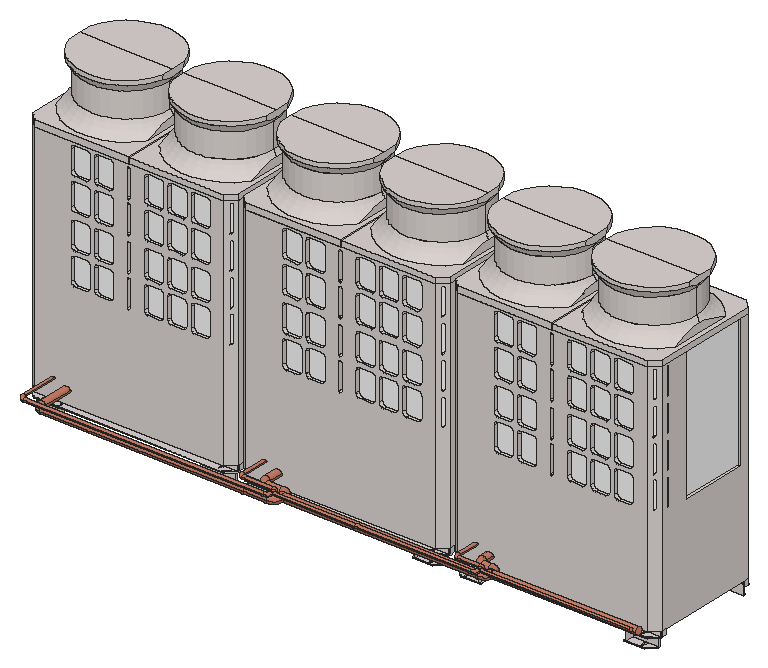
Revit family "PUHY-EP1150YSNW-A1", category 機械設備, Revit 2016
Family settings
  パーツ タイプ = 標準
  丸型コネクタ寸法 = 半径を使用
  OmniClass 番号 = 23.75.00.00
  OmniClass タイトル = Climate Control (HVAC)
  作業面に基づく = いいえ
  常に垂直 = はい
  ロード時にボイドで切り取り = いいえ
  共有 = いいえ
  部屋の計算ポイント = いいえ
Parameters (values of type "PUHY-EP1150YSNW-A1_415V_60Hz")
  Temp. range of cooling (Outdoor temp.) (D.B.) = "-5.0 to 52.0"
  Temp. range of cooling (Indoor temp.) (W.B.) = "15.0 to 24.0"
  Sound Pressure Level (dB(A)) Heating mode = 69.5
  Sound Pressure Level (dB(A)) Cooling mode = 69
  モデル = "PUHY-EP1150YSNW-A1"
  Width = 3780.000 mm
  WarrantyStart = ""
  Voltage = 415 V
  Unit Weight (kg) = 888
  URL = "http://www.mitsubishielectric.com/"
  Temp. range of heating (Outdoor temp.) (W.B.) = "-20.0 to 15.5"
  Temp. range of heating (Indoor temp.) (D.B.) = "15.0 to 27.0"
  TagNumber = 0
  Subcategory = "HVAC"
  Space View = yes
  SerialNumber = 0
  ReplacementYear = ""
  Refrigerant type = "R410A"
  Refrigerant Charge (kg) = 31.4
  Protection Devices_Inverter circuit (COMP./FAN) = "Over-current protection"
  Protection Devices_High pressure (MPa) = "High pressure sensor, High pressure switch at 4.15"
  Phase = 3
  製造元 = "Mitsubishi Electric Corporation"
  Outdoor unit 3 Breaker size (A) = 40
  Outdoor unit 3 = PUHY-EP350YNW-A1 : PUHY-EP350YNW-A1
  Outdoor unit 2 Breaker size (A) = 60
  Outdoor unit 2 = PUHY-EP400YNW-A1 : PUHY-EP400YNW-A1
  Outdoor unit 1 Breaker size (A) = 60
  Outdoor unit 1 = PUHY-EP400YNW-A1 : PUHY-EP400YNW-A1
  Note_1 = "Refrigerant pipe diameters may change depending on the installation condition. Please refer to the installation manual."
  Maximum Circuit Ampacity (A) = 80.5
  Liquid pipe_radius = 9.525 mm
  InstallationDate = ""
  Indoor Unit Total Capacity = "50 to 130% of outdoor unit capacity"
  Indoor Unit Model/Quantity = "P10 to P250/3 to 50"
  Hertz = 60 Hz
  Height = 1858.000 mm
  Heating SCOP (kW/kW) = 4.19
  Heating Rated Load Ampacity (A) = 53.7
  Heating Power Input (kW) = 34.77
  Heating Power Input (Nominal) (kW) = 29.21
  Heating Current Input (Nominal) (A) = 45.1
  Heating Current Input (A) = 53.7
  Heating Capacity (kW) = 145
  Heating Capacity (Nominal) (kW) = 130
  Heating COP (kW/kW) = 4.17
  Heating COP (Nominal) (kW/kW) = 4.45
  Gas pipe_radius = 20.640 mm
  Fan_Type = "Propeller Fan"
  Fan_Quantity = 6
  Fan Motor Output (kW) = 2.76
  External static pressure (Pa) = 0
  External Finish = "Pre-coated galvanized steel sheets (+powder coating for -BS type) <MUNSELL 3Y 7.8/1.1 or similar>"
  Equip_description = ""
  Equip_No. = 0
  Equip_ID = ""
  Description = ""
  Depth = 740.000 mm
  CreatedOn = ""
  CreatedBy = ""
  Cooling SEER (kW/kW) = 6.87
  Cooling Rated Load Ampacity (A) = 55.3
  Cooling Power Input (kW) = 35.81
  Cooling EER (kW/kW) = 3.63
  Cooling Current Input (A) = 55.3
  Cooling Capacity (kW) = 130
  Compressor_Type = "Inverter scroll hermetic compressor"
  Compressor_Quantity = 3
  Compressor_Lubricant = "MEL32"
  Compressor Motor Output (kW) = 27.3
  Category = ""
  Barcode = ""
  AssetIdentifier = ""
  Airflow Rate (m3/min) = 810
  Airflow Rate (m3/h) = 48600
Reference planes
  plane 1 "Center (Front/Back)": y = 0
  plane 2: z = 0
  plane 3 "Center (Left/Right)": x = 0
  plane 4: y = 370
  plane 5 "front": y = -370
  plane 6: x = -1890
  plane 7: x = 1890
  plane 8: x = -620
  plane 9: x = 620
  plane 10: x = -650
  plane 11: x = 650
  plane 12: y = 370
  plane 13: y = -370
  plane 14: z = 1858
  plane 15: x = -1647
  plane 16: x = -1730.603
  plane 17: x = -377
  plane 18: x = -460
  plane 19: x = 893
  plane 20: x = 810
Forms (mm)
  Sweep 1, solid, material "Copper"
    path origin (-51.563, 17.925, 207.255) x (0, -1, 0) y (1, 0, 0)
      loop
        line (380, -1679.039) -> (605, -1679.039)
        arc (605, -1679.039) -> (626.213, -1670.253) -> (635, -1649.039) r 30
        line (635, -1649.039) -> (635, -208.337)
        arc (635, -208.337) -> (629.142, -194.195) -> (615, -188.337) r 20
        line (615, -188.337) -> (590, -188.337)
        arc (590, -188.337) -> (575.858, -194.195) -> (570, -208.337) r 20
        line (570, -208.337) -> (570, -388.437)
        arc (570, -388.437) -> (564.142, -402.579) -> (550, -408.437) r 20
        line (550, -408.437) -> (380, -408.437)
    profile origin (-1730.603, -474.575, 207.255) x (1, 0, 0) y (0, 0, 1)
      loop
        circle (0, 0) r 9.525
  Sweep 2, solid, material "Copper"
    path origin (-48.859, 17.925, 173.255) x (-1, 0, 0) y (0, -1, 0)
      loop
        line (1598.141, 380) -> (1598.141, 575)
        arc (1598.141, 575) -> (1587.889, 599.749) -> (1563.141, 610) r 35
        line (1563.141, 610) -> (342, 610) -> (204.723, 610)
        arc (204.723, 610) -> (179.974, 599.749) -> (169.723, 575) r 35
        line (169.723, 575) -> (169.723, 545)
        arc (169.723, 545) -> (179.974, 520.251) -> (204.723, 510) r 35
        line (204.723, 510) -> (293.141, 510)
        arc (293.141, 510) -> (317.889, 499.749) -> (328.141, 475) r 35
        line (328.141, 475) -> (328.141, 380)
    profile origin (-1647, -459.575, 173.255) x (1, 0, 0) y (0, 0, 1)
      loop
        circle (0, 0) r 20.64
  Sweep 3, solid, material "Copper"
    path origin (214.685, 17.925, 207.255) x (0, -1, 0) y (1, 0, 0)
      loop
        line (605, -448.702) -> (605, 51.298) -> (605, 745.315)
        arc (605, 745.315) -> (599.142, 759.457) -> (585, 765.315) r 20
        line (585, 765.315) -> (560.96, 765.315)
        arc (560.96, 765.315) -> (546.818, 759.457) -> (540.96, 745.315) r 20
        line (540.96, 745.315) -> (540.96, 615.315)
        arc (540.96, 615.315) -> (535.102, 601.172) -> (520.96, 595.315) r 20
        line (520.96, 595.315) -> (380, 595.315)
    profile origin (15.984, -587.075, 207.255) x (0, 1, 0) y (0, 0, 1)
      loop
        circle (0, 0) r 9.525
  Sweep 4, solid, material "Copper"
    path origin (188.125, 17.925, 173.255) x (-1, 0, 0) y (0, -1, 0)
      loop
        line (395.125, 555.96) -> (-784.875, 555.96)
        arc (-784.875, 555.96) -> (-809.623, 545.709) -> (-819.875, 520.96) r 35
        line (-819.875, 520.96) -> (-819.875, 510)
        arc (-819.875, 510) -> (-809.623, 485.251) -> (-784.875, 475) r 35
        line (-784.875, 475) -> (-739.875, 475)
        arc (-739.875, 475) -> (-715.126, 464.749) -> (-704.875, 440) r 35
        line (-704.875, 440) -> (-704.875, 380)
    profile origin (383, -538.035, 173.255) x (0, 1, 0) y (0, 0, 1)
      loop
        circle (0, 0) r 20.64
  Sweep 5, solid, material "Copper"
    path origin (114.685, 17.925, 207.255) x (0, -1, 0) y (1, 0, 0)
      loop
        line (572.806, 870.315) -> (572.806, 1775.315)
    profile origin (1437.5, -554.881, 207.255) x (0, 1, 0) y (0, 0, 1)
      loop
        circle (0, 0) r 9.525
  Sweep 6, solid, material "Copper"
    path origin (88.125, 17.925, 173.255) x (-1, 0, 0) y (0, -1, 0)
      loop
        line (-921.875, 515.995) -> (-1801.875, 515.995)
    profile origin (1450, -498.07, 173.255) x (0, 1, 0) y (0, 0, 1)
      loop
        circle (0, 0) r 20.64
Dimensions and locks
  nested 2 to nested 1 = 30.000 mm
  nested 1 to nested 1 = 1240.000 mm
  nested 2 to nested 2 = 1240.000 mm
  plane 6 to plane 3 "Center (Left/Right)" to plane 7 = 1890.000 mm, 1890.000 mm
  "Liquid pipe_radius": radius of Sweep 5 sketch curve
  "Gas pipe_radius": radius of Sweep 6 sketch curve
  aligned and locked: level to plane 2
Automatic sketch dimensions
  Sweep 1 sketch curve to plane 5 "front" = 7.925 mm  (x2)
  plane 5 "front" to Sweep 1 sketch curve = 162.075 mm
  Sweep 1 sketch curve to plane 3 "Center (Left/Right)" = 259.900 mm
  Sweep 1 sketch curve to Sweep 1 sketch curve = 20.000 mm
  Sweep 1 sketch curve to plane 3 "Center (Left/Right)" = 239.900 mm
  plane 5 "front" to Sweep 1 sketch curve = 217.075 mm
  Sweep 1 sketch curve to Sweep 1 sketch curve = 25.000 mm
  Sweep 1 sketch curve to Sweep 1 sketch curve = 30.000 mm
  Sweep 1 sketch curve to plane 3 "Center (Left/Right)" = 440.000 mm
  profile plane to Sweep 1 sketch curve = 0.000 mm
  Sweep 1 sketch curve to profile plane = 0.000 mm
  Sweep 2 sketch curve to plane 3 "Center (Left/Right)" = 218.582 mm
  Sweep 2 sketch curve to plane 3 "Center (Left/Right)" = 253.582 mm  (x2)
  Sweep 2 sketch curve to plane 3 "Center (Left/Right)" = 342.000 mm
  Sweep 2 sketch curve to plane 3 "Center (Left/Right)" = 390.859 mm
  Sweep 2 sketch curve to Sweep 2 sketch curve = 35.000 mm  (x2)
  plane 5 "front" to Sweep 2 sketch curve = 222.075 mm
  Sweep 2 sketch curve to Sweep 2 sketch curve = 30.000 mm
  Sweep 2 sketch curve to plane 5 "front" = 7.925 mm  (x2)
  profile plane to Sweep 2 sketch curve = 0.000 mm
  Sweep 2 sketch curve to profile plane = 0.000 mm
  Sweep 3 sketch curve to profile plane = 0.000 mm  (x2)
  Sweep 4 sketch curve to profile plane = 0.000 mm  (x2)
  Sweep 1 sketch curve to Sweep 1 sketch curve = 1240.603 mm
  Sweep 2 sketch curve to Sweep 2 sketch curve = 1235.000 mm
  Sweep 3 sketch curve to plane 20 = 0.000 mm
  Sweep 3 sketch curve to plane 5 "front" = 7.925 mm
  plane 20 to Sweep 3 sketch curve = 20.000 mm
  plane 5 "front" to Sweep 3 sketch curve = 133.035 mm
  Sweep 3 sketch curve to Sweep 3 sketch curve = 20.000 mm
  Sweep 3 sketch curve to Sweep 3 sketch curve = 24.040 mm
  plane 5 "front" to Sweep 3 sketch curve = 217.075 mm
  plane 3 "Center (Left/Right)" to Sweep 3 sketch curve = 265.984 mm
  plane 17 to Sweep 3 sketch curve = 142.984 mm
  plane 19 to Sweep 3 sketch curve = 67.000 mm
  Sweep 4 sketch curve to plane 19 = 0.000 mm
  plane 19 to Sweep 4 sketch curve = 35.000 mm
  Sweep 4 sketch curve to Sweep 4 sketch curve = 45.000 mm
  Sweep 4 sketch curve to Sweep 4 sketch curve = 0.000 mm
  Sweep 4 sketch curve to Sweep 4 sketch curve = 35.000 mm
  plane 17 to Sweep 4 sketch curve = 170.000 mm
  Sweep 4 sketch curve to plane 5 "front" = 7.925 mm
  plane 5 "front" to Sweep 4 sketch curve = 52.075 mm
  Sweep 4 sketch curve to Sweep 4 sketch curve = 10.960 mm
  Sweep 6 sketch curve to plane 7 = 0.000 mm
  plane 19 to Sweep 6 sketch curve = 117.000 mm
  plane 5 "front" to Sweep 6 sketch curve = 128.070 mm
  Sweep 5 sketch curve to plane 7 = 0.000 mm
  plane 5 "front" to Sweep 5 sketch curve = 184.881 mm
  plane 19 to Sweep 5 sketch curve = 92.000 mm
  Sweep 5 sketch curve to profile plane = 0.000 mm  (x2)
  Sweep 6 sketch curve to profile plane = 0.000 mm  (x2)
  radius of Sweep 1 sketch curve = 9.525 mm
  radius of Sweep 2 sketch curve = 20.640 mm
  radius of Sweep 3 sketch curve = 9.525 mm
  radius of Sweep 4 sketch curve = 20.640 mm
Nested families
  nested 1: "PUHY-EP400YNW-A1" at (0, 0, 0), type <- "Outdoor unit 2", type "PUHY-EP400YNW-A1"
  nested 2: "PUHY-EP400YNW-A1" at (-1270, 0, 0), type <- "Outdoor unit 1", type "PUHY-EP400YNW-A1"
  nested 3: "PUHY-EP350YNW-A1" at (1270, 0, 0), type <- "Outdoor unit 3", type "PUHY-EP350YNW-A1"
Connectors
  piping at (1890, -498.07, 173.255), diameter 41.28, driven by "Gas pipe_radius"
    settings: on Sweep 6, index 1, connector inside diameter 41.28 mm, connector length 0.000 mm, flow factor 0, pipe flow 0.0 L/s, pressure drop 0.0 Pa, fitting loss kfactor 0, connector angle 0.00°, fixture units 0, engagement length 0.000 mm, angle of deflection 0.00°, flow configuration 0, flow direction 0, fitting loss method 0, system type 22, joint type 0, gender type 0, connector reference index -1, connector utility 0, adjustable connector no, is connector primary yes, connector description "Indoor unit-Twinning pipe(Gas)"
  piping at (1890, -554.881, 207.255), diameter 19.05, driven by "Liquid pipe_radius"
    settings: on Sweep 5, index 2, connector inside diameter 19.05 mm, connector length 0.000 mm, flow factor 0, pipe flow 0.0 L/s, pressure drop 0.0 Pa, fitting loss kfactor 0, connector angle 0.00°, fixture units 0, engagement length 0.000 mm, angle of deflection 0.00°, flow configuration 0, flow direction 0, fitting loss method 0, system type 22, joint type 0, gender type 0, connector reference index -1, connector utility 0, adjustable connector no, is connector primary no, connector description "Indoor unit-Twinning pipe(Liquid)"
  electrical at (992, -370, 279), driven by "Phase", driven by "Voltage"
    settings: index 3, voltage 415 V, apparent load 0 VA, apparent load phase1 0 VA, apparent load phase2 0 VA, apparent load phase3 0 VA, power factor 1, load classification "HVAC", number of poles 3, system type 30, power factor state 1, is connector primary yes, connector utility no, sub classification motor no, connector description ""
  electrical at (-258, -370, 279), driven by "Phase", driven by "Voltage"
    settings: index 4, voltage 415 V, apparent load 0 VA, apparent load phase1 0 VA, apparent load phase2 0 VA, apparent load phase3 0 VA, power factor 1, load classification "HVAC", number of poles 3, system type 30, power factor state 1, is connector primary no, connector utility no, sub classification motor no, connector description ""
  electrical at (-1508, -370, 279), driven by "Phase", driven by "Voltage"
    settings: index 5, voltage 415 V, apparent load 0 VA, apparent load phase1 0 VA, apparent load phase2 0 VA, apparent load phase3 0 VA, power factor 1, load classification "HVAC", number of poles 3, system type 30, power factor state 1, is connector primary no, connector utility no, sub classification motor no, connector description ""
Definition of nested family "PUHY-EP400YNW-A1"
  Parameters
    Model = "PUHY-P400YNW-A"
    URL = "http://www.mitsubishielectric.com/"
    Manufacturer = "Mitsubishi Electric Corporation"
    Liquid pipe_radius = 12.700 mm
    Gas pipe_radius = 14.290 mm
  Reference planes
    plane 1 "Center (Front/Back)": y = 0
    plane 2: z = 0
    plane 3 "Center (Left/Right)": x = 0
    plane 4: y = 370
    plane 5: z = 1858
    plane 6: y = -260
    plane 7: y = -204
    plane 8: y = -185
    plane 9: x = -620
    plane 10: x = 620
    plane 11: x = -620
    plane 12: z = 716
    plane 13: x = -524
    plane 14: z = 669
    plane 15: x = -50.5
    plane 16: x = 51
    plane 17: x = 489
    plane 18: x = 467
    plane 19 "132": x = 488
    plane 20 "100": z = 160
    plane 21: z = 185
    plane 22: x = 413
    plane 23: x = 364
    plane 24: z = 150
    plane 25: x = -287.25
    plane 26: x = -137.25
    plane 27: x = -272.25
    plane 28: y = -278
    plane 29: z = 1509
    plane 30: y = -370
    plane 31: x = -530
    plane 32: x = 530
    plane 33 "179": y = -191
  Forms (mm)
    Extrusion 1, solid
      sketch origin (-1, 0, 113) x (-1, 0, 0) y (0, -1, 0)
        loop
          line (569, -370) -> (619, -320) -> (619, 320) -> (569, 370) -> (-571, 370) -> (-621, 320) -> (-621, -320) -> (-571, -370) -> (569, -370)
      from -18 to 1408
    Extrusion 2, void
      sketch origin (524, -370, 113) x (1, 0, 0) y (0, 0, -1)
        loop
          arc (-60.8, -1393.5) -> (-42.557, -1385.943) -> (-35, -1367.7) r 25.8
          line (-35, -1367.7) -> (-35, -1248.5)
          arc (-35, -1248.5) -> (-42.557, -1230.257) -> (-60.8, -1222.7) r 25.8
          line (-60.8, -1222.7) -> (-126, -1222.7)
          arc (-126, -1222.7) -> (-144.243, -1230.257) -> (-151.8, -1248.5) r 25.8
          line (-151.8, -1248.5) -> (-151.8, -1367.7)
          arc (-151.8, -1367.7) -> (-144.243, -1385.943) -> (-126, -1393.5) r 25.8
          line (-126, -1393.5) -> (-60.8, -1393.5)
      from 0 to 20
    Extrusion 3, void
      sketch origin (524, -370, -81) x (1, 0, 0) y (0, 0, -1)
        loop
          arc (-60.8, -1393.5) -> (-42.557, -1385.943) -> (-35, -1367.7) r 25.8
          line (-35, -1367.7) -> (-35, -1248.5)
          arc (-35, -1248.5) -> (-42.557, -1230.257) -> (-60.8, -1222.7) r 25.8
          line (-60.8, -1222.7) -> (-126, -1222.7)
          arc (-126, -1222.7) -> (-144.243, -1230.257) -> (-151.8, -1248.5) r 25.8
          line (-151.8, -1248.5) -> (-151.8, -1367.7)
          arc (-151.8, -1367.7) -> (-144.243, -1385.943) -> (-126, -1393.5) r 25.8
          line (-126, -1393.5) -> (-60.8, -1393.5)
      from 0 to 20
    Extrusion 4, void
      sketch origin (524, -370, -287) x (1, 0, 0) y (0, 0, -1)
        loop
          arc (-60.8, -1393.5) -> (-42.557, -1385.943) -> (-35, -1367.7) r 25.8
          line (-35, -1367.7) -> (-35, -1248.5)
          arc (-35, -1248.5) -> (-42.557, -1230.257) -> (-60.8, -1222.7) r 25.8
          line (-60.8, -1222.7) -> (-126, -1222.7)
          arc (-126, -1222.7) -> (-144.243, -1230.257) -> (-151.8, -1248.5) r 25.8
          line (-151.8, -1248.5) -> (-151.8, -1367.7)
          arc (-151.8, -1367.7) -> (-144.243, -1385.943) -> (-126, -1393.5) r 25.8
          line (-126, -1393.5) -> (-60.8, -1393.5)
      from 0 to 20
    Extrusion 5, void
      sketch origin (524, -370, -481) x (1, 0, 0) y (0, 0, -1)
        loop
          arc (-60.8, -1393.5) -> (-42.557, -1385.943) -> (-35, -1367.7) r 25.8
          line (-35, -1367.7) -> (-35, -1248.5)
          arc (-35, -1248.5) -> (-42.557, -1230.257) -> (-60.8, -1222.7) r 25.8
          line (-60.8, -1222.7) -> (-126, -1222.7)
          arc (-126, -1222.7) -> (-144.243, -1230.257) -> (-151.8, -1248.5) r 25.8
          line (-151.8, -1248.5) -> (-151.8, -1367.7)
          arc (-151.8, -1367.7) -> (-144.243, -1385.943) -> (-126, -1393.5) r 25.8
          line (-126, -1393.5) -> (-60.8, -1393.5)
      from 0 to 20
    Extrusion 6, void
      sketch origin (384, -370, 113) x (1, 0, 0) y (0, 0, -1)
        loop
          arc (-60.8, -1393.5) -> (-42.557, -1385.943) -> (-35, -1367.7) r 25.8
          line (-35, -1367.7) -> (-35, -1248.5)
          arc (-35, -1248.5) -> (-42.557, -1230.257) -> (-60.8, -1222.7) r 25.8
          line (-60.8, -1222.7) -> (-126, -1222.7)
          arc (-126, -1222.7) -> (-144.243, -1230.257) -> (-151.8, -1248.5) r 25.8
          line (-151.8, -1248.5) -> (-151.8, -1367.7)
          arc (-151.8, -1367.7) -> (-144.243, -1385.943) -> (-126, -1393.5) r 25.8
          line (-126, -1393.5) -> (-60.8, -1393.5)
      from 0 to 20
    Extrusion 7, void
      sketch origin (384, -370, -81) x (1, 0, 0) y (0, 0, -1)
        loop
          arc (-60.8, -1393.5) -> (-42.557, -1385.943) -> (-35, -1367.7) r 25.8
          line (-35, -1367.7) -> (-35, -1248.5)
          arc (-35, -1248.5) -> (-42.557, -1230.257) -> (-60.8, -1222.7) r 25.8
          line (-60.8, -1222.7) -> (-126, -1222.7)
          arc (-126, -1222.7) -> (-144.243, -1230.257) -> (-151.8, -1248.5) r 25.8
          line (-151.8, -1248.5) -> (-151.8, -1367.7)
          arc (-151.8, -1367.7) -> (-144.243, -1385.943) -> (-126, -1393.5) r 25.8
          line (-126, -1393.5) -> (-60.8, -1393.5)
      from 0 to 20
    Extrusion 8, void
      sketch origin (384, -370, -287) x (1, 0, 0) y (0, 0, -1)
        loop
          arc (-60.8, -1393.5) -> (-42.557, -1385.943) -> (-35, -1367.7) r 25.8
          line (-35, -1367.7) -> (-35, -1248.5)
          arc (-35, -1248.5) -> (-42.557, -1230.257) -> (-60.8, -1222.7) r 25.8
          line (-60.8, -1222.7) -> (-126, -1222.7)
          arc (-126, -1222.7) -> (-144.243, -1230.257) -> (-151.8, -1248.5) r 25.8
          line (-151.8, -1248.5) -> (-151.8, -1367.7)
          arc (-151.8, -1367.7) -> (-144.243, -1385.943) -> (-126, -1393.5) r 25.8
          line (-126, -1393.5) -> (-60.8, -1393.5)
      from 0 to 20
    Extrusion 9, void
      sketch origin (384, -370, -481) x (1, 0, 0) y (0, 0, -1)
        loop
          arc (-60.8, -1393.5) -> (-42.557, -1385.943) -> (-35, -1367.7) r 25.8
          line (-35, -1367.7) -> (-35, -1248.5)
          arc (-35, -1248.5) -> (-42.557, -1230.257) -> (-60.8, -1222.7) r 25.8
          line (-60.8, -1222.7) -> (-126, -1222.7)
          arc (-126, -1222.7) -> (-144.243, -1230.257) -> (-151.8, -1248.5) r 25.8
          line (-151.8, -1248.5) -> (-151.8, -1367.7)
          arc (-151.8, -1367.7) -> (-144.243, -1385.943) -> (-126, -1393.5) r 25.8
          line (-126, -1393.5) -> (-60.8, -1393.5)
      from 0 to 20
    Extrusion 10, void
      sketch origin (244, -370, 113) x (1, 0, 0) y (0, 0, -1)
        loop
          arc (-60.8, -1393.5) -> (-42.557, -1385.943) -> (-35, -1367.7) r 25.8
          line (-35, -1367.7) -> (-35, -1248.5)
          arc (-35, -1248.5) -> (-42.557, -1230.257) -> (-60.8, -1222.7) r 25.8
          line (-60.8, -1222.7) -> (-126, -1222.7)
          arc (-126, -1222.7) -> (-144.243, -1230.257) -> (-151.8, -1248.5) r 25.8
          line (-151.8, -1248.5) -> (-151.8, -1367.7)
          arc (-151.8, -1367.7) -> (-144.243, -1385.943) -> (-126, -1393.5) r 25.8
          line (-126, -1393.5) -> (-60.8, -1393.5)
      from 0 to 20
    Extrusion 11, void
      sketch origin (244, -370, -81) x (1, 0, 0) y (0, 0, -1)
        loop
          arc (-60.8, -1393.5) -> (-42.557, -1385.943) -> (-35, -1367.7) r 25.8
          line (-35, -1367.7) -> (-35, -1248.5)
          arc (-35, -1248.5) -> (-42.557, -1230.257) -> (-60.8, -1222.7) r 25.8
          line (-60.8, -1222.7) -> (-126, -1222.7)
          arc (-126, -1222.7) -> (-144.243, -1230.257) -> (-151.8, -1248.5) r 25.8
          line (-151.8, -1248.5) -> (-151.8, -1367.7)
          arc (-151.8, -1367.7) -> (-144.243, -1385.943) -> (-126, -1393.5) r 25.8
          line (-126, -1393.5) -> (-60.8, -1393.5)
      from 0 to 20
    Extrusion 12, void
      sketch origin (244, -370, -287) x (1, 0, 0) y (0, 0, -1)
        loop
          arc (-60.8, -1393.5) -> (-42.557, -1385.943) -> (-35, -1367.7) r 25.8
          line (-35, -1367.7) -> (-35, -1248.5)
          arc (-35, -1248.5) -> (-42.557, -1230.257) -> (-60.8, -1222.7) r 25.8
          line (-60.8, -1222.7) -> (-126, -1222.7)
          arc (-126, -1222.7) -> (-144.243, -1230.257) -> (-151.8, -1248.5) r 25.8
          line (-151.8, -1248.5) -> (-151.8, -1367.7)
          arc (-151.8, -1367.7) -> (-144.243, -1385.943) -> (-126, -1393.5) r 25.8
          line (-126, -1393.5) -> (-60.8, -1393.5)
      from 0 to 20
    Extrusion 13, void
      sketch origin (244, -370, -481) x (1, 0, 0) y (0, 0, -1)
        loop
          arc (-60.8, -1393.5) -> (-42.557, -1385.943) -> (-35, -1367.7) r 25.8
          line (-35, -1367.7) -> (-35, -1248.5)
          arc (-35, -1248.5) -> (-42.557, -1230.257) -> (-60.8, -1222.7) r 25.8
          line (-60.8, -1222.7) -> (-126, -1222.7)
          arc (-126, -1222.7) -> (-144.243, -1230.257) -> (-151.8, -1248.5) r 25.8
          line (-151.8, -1248.5) -> (-151.8, -1367.7)
          arc (-151.8, -1367.7) -> (-144.243, -1385.943) -> (-126, -1393.5) r 25.8
          line (-126, -1393.5) -> (-60.8, -1393.5)
      from 0 to 20
    Extrusion 14, void
      sketch origin (-56, -370, 113) x (1, 0, 0) y (0, 0, -1)
        loop
          arc (-60.8, -1393.5) -> (-42.557, -1385.943) -> (-35, -1367.7) r 25.8
          line (-35, -1367.7) -> (-35, -1248.5)
          arc (-35, -1248.5) -> (-42.557, -1230.257) -> (-60.8, -1222.7) r 25.8
          line (-60.8, -1222.7) -> (-126, -1222.7)
          arc (-126, -1222.7) -> (-144.243, -1230.257) -> (-151.8, -1248.5) r 25.8
          line (-151.8, -1248.5) -> (-151.8, -1367.7)
          arc (-151.8, -1367.7) -> (-144.243, -1385.943) -> (-126, -1393.5) r 25.8
          line (-126, -1393.5) -> (-60.8, -1393.5)
      from 0 to 20
    Extrusion 15, void
      sketch origin (-56, -370, -81) x (1, 0, 0) y (0, 0, -1)
        loop
          arc (-60.8, -1393.5) -> (-42.557, -1385.943) -> (-35, -1367.7) r 25.8
          line (-35, -1367.7) -> (-35, -1248.5)
          arc (-35, -1248.5) -> (-42.557, -1230.257) -> (-60.8, -1222.7) r 25.8
          line (-60.8, -1222.7) -> (-126, -1222.7)
          arc (-126, -1222.7) -> (-144.243, -1230.257) -> (-151.8, -1248.5) r 25.8
          line (-151.8, -1248.5) -> (-151.8, -1367.7)
          arc (-151.8, -1367.7) -> (-144.243, -1385.943) -> (-126, -1393.5) r 25.8
          line (-126, -1393.5) -> (-60.8, -1393.5)
      from 0 to 20
    Extrusion 16, void
      sketch origin (-56, -370, -287) x (1, 0, 0) y (0, 0, -1)
        loop
          arc (-60.8, -1393.5) -> (-42.557, -1385.943) -> (-35, -1367.7) r 25.8
          line (-35, -1367.7) -> (-35, -1248.5)
          arc (-35, -1248.5) -> (-42.557, -1230.257) -> (-60.8, -1222.7) r 25.8
          line (-60.8, -1222.7) -> (-126, -1222.7)
          arc (-126, -1222.7) -> (-144.243, -1230.257) -> (-151.8, -1248.5) r 25.8
          line (-151.8, -1248.5) -> (-151.8, -1367.7)
          arc (-151.8, -1367.7) -> (-144.243, -1385.943) -> (-126, -1393.5) r 25.8
          line (-126, -1393.5) -> (-60.8, -1393.5)
      from 0 to 20
    Extrusion 17, void
      sketch origin (-56, -370, -481) x (1, 0, 0) y (0, 0, -1)
        loop
          arc (-60.8, -1393.5) -> (-42.557, -1385.943) -> (-35, -1367.7) r 25.8
          line (-35, -1367.7) -> (-35, -1248.5)
          arc (-35, -1248.5) -> (-42.557, -1230.257) -> (-60.8, -1222.7) r 25.8
          line (-60.8, -1222.7) -> (-126, -1222.7)
          arc (-126, -1222.7) -> (-144.243, -1230.257) -> (-151.8, -1248.5) r 25.8
          line (-151.8, -1248.5) -> (-151.8, -1367.7)
          arc (-151.8, -1367.7) -> (-144.243, -1385.943) -> (-126, -1393.5) r 25.8
          line (-126, -1393.5) -> (-60.8, -1393.5)
      from 0 to 20
    Extrusion 18, void
      sketch origin (-196, -370, 113) x (1, 0, 0) y (0, 0, -1)
        loop
          arc (-60.8, -1393.5) -> (-42.557, -1385.943) -> (-35, -1367.7) r 25.8
          line (-35, -1367.7) -> (-35, -1248.5)
          arc (-35, -1248.5) -> (-42.557, -1230.257) -> (-60.8, -1222.7) r 25.8
          line (-60.8, -1222.7) -> (-126, -1222.7)
          arc (-126, -1222.7) -> (-144.243, -1230.257) -> (-151.8, -1248.5) r 25.8
          line (-151.8, -1248.5) -> (-151.8, -1367.7)
          arc (-151.8, -1367.7) -> (-144.243, -1385.943) -> (-126, -1393.5) r 25.8
          line (-126, -1393.5) -> (-60.8, -1393.5)
      from 0 to 20
    Extrusion 19, void
      sketch origin (-196, -370, -81) x (1, 0, 0) y (0, 0, -1)
        loop
          arc (-60.8, -1393.5) -> (-42.557, -1385.943) -> (-35, -1367.7) r 25.8
          line (-35, -1367.7) -> (-35, -1248.5)
          arc (-35, -1248.5) -> (-42.557, -1230.257) -> (-60.8, -1222.7) r 25.8
          line (-60.8, -1222.7) -> (-126, -1222.7)
          arc (-126, -1222.7) -> (-144.243, -1230.257) -> (-151.8, -1248.5) r 25.8
          line (-151.8, -1248.5) -> (-151.8, -1367.7)
          arc (-151.8, -1367.7) -> (-144.243, -1385.943) -> (-126, -1393.5) r 25.8
          line (-126, -1393.5) -> (-60.8, -1393.5)
      from 0 to 20
    Extrusion 20, void
      sketch origin (-196, -370, -287) x (1, 0, 0) y (0, 0, -1)
        loop
          arc (-60.8, -1393.5) -> (-42.557, -1385.943) -> (-35, -1367.7) r 25.8
          line (-35, -1367.7) -> (-35, -1248.5)
          arc (-35, -1248.5) -> (-42.557, -1230.257) -> (-60.8, -1222.7) r 25.8
          line (-60.8, -1222.7) -> (-126, -1222.7)
          arc (-126, -1222.7) -> (-144.243, -1230.257) -> (-151.8, -1248.5) r 25.8
          line (-151.8, -1248.5) -> (-151.8, -1367.7)
          arc (-151.8, -1367.7) -> (-144.243, -1385.943) -> (-126, -1393.5) r 25.8
          line (-126, -1393.5) -> (-60.8, -1393.5)
      from 0 to 20
    Extrusion 21, void
      sketch origin (-196, -370, -481) x (1, 0, 0) y (0, 0, -1)
        loop
          arc (-60.8, -1393.5) -> (-42.557, -1385.943) -> (-35, -1367.7) r 25.8
          line (-35, -1367.7) -> (-35, -1248.5)
          arc (-35, -1248.5) -> (-42.557, -1230.257) -> (-60.8, -1222.7) r 25.8
          line (-60.8, -1222.7) -> (-126, -1222.7)
          arc (-126, -1222.7) -> (-144.243, -1230.257) -> (-151.8, -1248.5) r 25.8
          line (-151.8, -1248.5) -> (-151.8, -1367.7)
          arc (-151.8, -1367.7) -> (-144.243, -1385.943) -> (-126, -1393.5) r 25.8
          line (-126, -1393.5) -> (-60.8, -1393.5)
      from 0 to 20
    Extrusion 22, void
      sketch origin (620, 320, 113) x (0, 1, 0) y (0, 0, -1)
        loop
          line (-462.3, -1408) -> (-50.8, -1408) -> (-50.8, -612) -> (-462.3, -612) -> (-462.3, -1408)
      from 0 to 20
    Extrusion 23, void
      sketch origin (-620, -320, 113) x (0, -1, 0) y (0, 0, -1)
        loop
          line (-535.7, -1408) -> (-207.7, -1408) -> (-207.7, -592) -> (-535.7, -592) -> (-535.7, -1408)
      from 0 to 20
    Extrusion 24, void
      sketch origin (194.892, 370, 113) x (-1, 0, 0) y (0, 0, -1)
        loop
          arc (204.892, -1225.013) -> (194.892, -1215.013) -> (184.892, -1225.013) r 10
          line (184.892, -1225.013) -> (184.892, -1379.987)
          arc (184.892, -1379.987) -> (194.892, -1389.987) -> (204.892, -1379.987) r 10
          line (204.892, -1379.987) -> (204.892, -1225.013)
        loop
          arc (204.892, -1031.013) -> (194.892, -1021.013) -> (184.892, -1031.013) r 10
          line (184.892, -1031.013) -> (184.892, -1185.987)
          arc (184.892, -1185.987) -> (194.892, -1195.987) -> (204.892, -1185.987) r 10
          line (204.892, -1185.987) -> (204.892, -1031.013)
        loop
          arc (204.892, -825.013) -> (194.892, -815.013) -> (184.892, -825.013) r 10
          line (184.892, -825.013) -> (184.892, -979.987)
          arc (184.892, -979.987) -> (194.892, -989.987) -> (204.892, -979.987) r 10
          line (204.892, -979.987) -> (204.892, -825.013)
        loop
          arc (204.892, -631.013) -> (194.892, -621.013) -> (184.892, -631.013) r 10
          line (184.892, -631.013) -> (184.892, -785.987)
          arc (184.892, -785.987) -> (194.892, -795.987) -> (204.892, -785.987) r 10
          line (204.892, -785.987) -> (204.892, -631.013)
      from 0 to 20
    Extrusion 25, void
      sketch origin (-570, 370, 113) x (0.707107, 0.707107, 0) y (0, 0, 1)
        loop
          arc (-45.355, 1236) -> (-35.355, 1226) -> (-25.355, 1236) r 10
          line (-25.355, 1236) -> (-25.355, 1386)
          arc (-25.355, 1386) -> (-35.355, 1396) -> (-45.355, 1386) r 10
          line (-45.355, 1386) -> (-45.355, 1236)
        loop
          arc (-45.355, 1036) -> (-35.355, 1026) -> (-25.355, 1036) r 10
          line (-25.355, 1036) -> (-25.355, 1186)
          arc (-25.355, 1186) -> (-35.355, 1196) -> (-45.355, 1186) r 10
          line (-45.355, 1186) -> (-45.355, 1036)
        loop
          arc (-45.355, 836) -> (-35.355, 826) -> (-25.355, 836) r 10
          line (-25.355, 836) -> (-25.355, 986)
          arc (-25.355, 986) -> (-35.355, 996) -> (-45.355, 986) r 10
          line (-45.355, 986) -> (-45.355, 836)
        loop
          arc (-45.355, 641) -> (-35.355, 631) -> (-25.355, 641) r 10
          line (-25.355, 641) -> (-25.355, 791)
          arc (-25.355, 791) -> (-35.355, 801) -> (-45.355, 791) r 10
          line (-45.355, 791) -> (-45.355, 641)
      from 0 to 20
    Extrusion 26, void
      sketch origin (-620, -320, 113) x (0, -1, 0) y (0, 0, -1)
        loop
          line (-607.846, -1035.895) -> (-607.846, -1186.105)
          arc (-607.846, -1186.105) -> (-597.846, -1196.105) -> (-587.846, -1186.105) r 10
          line (-587.846, -1186.105) -> (-587.846, -1035.895)
          arc (-587.846, -1035.895) -> (-597.846, -1025.895) -> (-607.846, -1035.895) r 10
        loop
          line (-607.846, -835.895) -> (-607.846, -986.105)
          arc (-607.846, -986.105) -> (-597.846, -996.105) -> (-587.846, -986.105) r 10
          line (-587.846, -986.105) -> (-587.846, -835.895)
          arc (-587.846, -835.895) -> (-597.846, -825.895) -> (-607.846, -835.895) r 10
        loop
          line (-607.846, -1235.895) -> (-607.846, -1386.105)
          arc (-607.846, -1386.105) -> (-597.846, -1396.105) -> (-587.846, -1386.105) r 10
          line (-587.846, -1386.105) -> (-587.846, -1235.895)
          arc (-587.846, -1235.895) -> (-597.846, -1225.895) -> (-607.846, -1235.895) r 10
        loop
          line (-607.846, -635.895) -> (-607.846, -786.105)
          arc (-607.846, -786.105) -> (-597.846, -796.105) -> (-587.846, -786.105) r 10
          line (-587.846, -786.105) -> (-587.846, -635.895)
          arc (-587.846, -635.895) -> (-597.846, -625.895) -> (-607.846, -635.895) r 10
      from 0 to 20
    Extrusion 27, void
      sketch origin (1079, -370, 113) x (1, 0, 0) y (0, 0, -1)
        loop
          arc (-1089, -1379.975) -> (-1079, -1389.975) -> (-1069, -1379.975) r 10
          line (-1069, -1379.975) -> (-1069, -1225)
          arc (-1069, -1225) -> (-1079, -1215) -> (-1089, -1225) r 10
          line (-1089, -1225) -> (-1089, -1379.975)
        loop
          arc (-1089, -1185.975) -> (-1079, -1195.975) -> (-1069, -1185.975) r 10
          line (-1069, -1185.975) -> (-1069, -1031)
          arc (-1069, -1031) -> (-1079, -1021) -> (-1089, -1031) r 10
          line (-1089, -1031) -> (-1089, -1185.975)
        loop
          arc (-1089, -979.975) -> (-1079, -989.975) -> (-1069, -979.975) r 10
          line (-1069, -979.975) -> (-1069, -825)
          arc (-1069, -825) -> (-1079, -815) -> (-1089, -825) r 10
          line (-1089, -825) -> (-1089, -979.975)
        loop
          arc (-1089, -785.975) -> (-1079, -795.975) -> (-1069, -785.975) r 10
          line (-1069, -785.975) -> (-1069, -631)
          arc (-1069, -631) -> (-1079, -621) -> (-1089, -631) r 10
          line (-1089, -631) -> (-1089, -785.975)
      from 0 to 20
    Extrusion 28, void
      sketch origin (-571, 370, 113) x (-1, 0, 0) y (0, 0, -1)
        loop
          line (-519.5, -1408) -> (-48, -1408) -> (-48, -556) -> (-519.5, -556) -> (-519.5, -1408)
      from 0 to 20
    Extrusion 29, void
      sketch origin (-571, 370, 113) x (-1, 0, 0) y (0, 0, -1)
        loop
          line (-1038, -1408) -> (-622, -1408) -> (-622, -556) -> (-1038, -556) -> (-1038, -1408)
      from 0 to 20
    Extrusion 30, void
      sketch origin (620, 320, 113) x (0, 1, 0) y (0, 0, -1)
        loop
          arc (-588, -1035.791) -> (-598, -1025.791) -> (-608, -1035.791) r 10
          line (-608, -1035.791) -> (-608, -1186)
          arc (-608, -1186) -> (-598, -1196) -> (-588, -1186) r 10
          line (-588, -1186) -> (-588, -1035.791)
        loop
          arc (-588, -835.791) -> (-598, -825.791) -> (-608, -835.791) r 10
          line (-608, -835.791) -> (-608, -986)
          arc (-608, -986) -> (-598, -996) -> (-588, -986) r 10
          line (-588, -986) -> (-588, -835.791)
        loop
          arc (-588, -1235.791) -> (-598, -1225.791) -> (-608, -1235.791) r 10
          line (-608, -1235.791) -> (-608, -1386)
          arc (-608, -1386) -> (-598, -1396) -> (-588, -1386) r 10
          line (-588, -1386) -> (-588, -1235.791)
        loop
          arc (-588, -635.791) -> (-598, -625.791) -> (-608, -635.791) r 10
          line (-608, -635.791) -> (-608, -786)
          arc (-608, -786) -> (-598, -796) -> (-588, -786) r 10
          line (-588, -786) -> (-588, -635.791)
      from 0 to 20
    Extrusion 31, void
      sketch origin (1291.751, 351.751, 113) x (0.707107, 0.707107, 0) y (0, 0, -1)
        loop
          line (-995.311, -1236) -> (-995.311, -1386)
          arc (-995.311, -1386) -> (-985.311, -1396) -> (-975.311, -1386) r 10
          line (-975.311, -1386) -> (-975.311, -1236)
          arc (-975.311, -1236) -> (-985.311, -1226) -> (-995.311, -1236) r 10
        loop
          line (-995.311, -1036) -> (-995.311, -1186)
          arc (-995.311, -1186) -> (-985.311, -1196) -> (-975.311, -1186) r 10
          line (-975.311, -1186) -> (-975.311, -1036)
          arc (-975.311, -1036) -> (-985.311, -1026) -> (-995.311, -1036) r 10
        loop
          line (-995.311, -836) -> (-995.311, -986)
          arc (-995.311, -986) -> (-985.311, -996) -> (-975.311, -986) r 10
          line (-975.311, -986) -> (-975.311, -836)
          arc (-975.311, -836) -> (-985.311, -826) -> (-995.311, -836) r 10
        loop
          line (-995.311, -641) -> (-995.311, -791)
          arc (-995.311, -791) -> (-985.311, -801) -> (-975.311, -791) r 10
          line (-975.311, -791) -> (-975.311, -641)
          arc (-975.311, -641) -> (-985.311, -631) -> (-995.311, -641) r 10
      from 0 to 20
    Extrusion 32, void
      sketch origin (0, -191, 0) x (-1, 0, 0) y (0, 0, 1)
        loop
          circle (460, 176) r 6.35
      from 0 to 78.7
    Extrusion 33, void
      sketch origin (0, -191, 0) x (-1, 0, 0) y (0, 0, 1)
        loop
          circle (377, 176) r 14.29
      from 0 to 78.7
  Cuts and joins
    Extrusion 2, Extrusion 3, Extrusion 4, Extrusion 5, Extrusion 6, Extrusion 7, Extrusion 8, Extrusion 9, Extrusion 10, Extrusion 11, Extrusion 12, Extrusion 13, Extrusion 14, Extrusion 15, Extrusion 16, Extrusion 17, Extrusion 18, Extrusion 19, Extrusion 20, Extrusion 21, Extrusion 22, Extrusion 23, Extrusion 24, Extrusion 25, Extrusion 26, Extrusion 27, Extrusion 28, Extrusion 29, Extrusion 30, Extrusion 31, Extrusion 32, Extrusion 33 cuts Extrusion 1
  Lines and regions (mm)
    model lines
      curve 1: line (-351, -291, 95) -> (-481, -291, 95)
      curve 2: line (-342, -206, 95) -> (-342, -282, 95)
      curve 3: line (-481, -197, 95) -> (-351, -197, 95)
      curve 4: line (-492, -280, 95) -> (-492, -208, 95)
      curve 5: arc (-492, -280, 95) -> (-488.778, -287.778, 95) -> (-481, -291, 95) r 11
      curve 6: arc (-351, -291, 95) -> (-344.636, -288.364, 95) -> (-342, -282, 95) r 9
      curve 7: arc (-342, -206, 95) -> (-344.636, -199.636, 95) -> (-351, -197, 95) r 9
      curve 8: arc (-481, -197, 95) -> (-488.778, -200.222, 95) -> (-492, -208, 95) r 11
      curve 9: line (-30, -370, 1521) -> (-30, -370, 95)
      curve 10: line (30, -370, 1521) -> (30, -370, 95)
      curve 11: line (-485, -370, 215) -> (-357, -370, 215)
      curve 12: line (-495, -370, 141) -> (-495, -370, 205)
      curve 13: line (-357, -370, 131) -> (-485, -370, 131)
      curve 14: line (-347, -370, 205) -> (-347, -370, 141)
      curve 15: arc (-485, -370, 215) -> (-492.071, -370, 212.071) -> (-495, -370, 205) r 10
      curve 16: arc (-495, -370, 141) -> (-492.071, -370, 133.929) -> (-485, -370, 131) r 10
      curve 17: arc (-357, -370, 131) -> (-349.929, -370, 133.929) -> (-347, -370, 141) r 10
      curve 18: arc (-347, -370, 205) -> (-349.929, -370, 212.071) -> (-357, -370, 215) r 10
      curve 19: line (-405, -370, 1521) -> (-405, -370, 716)
      curve 20: line (620, -162.3, 1521) -> (620, -162.3, 95)
      curve 21: line (620, 289.2, 1521) -> (620, 289.2, 95)
      curve 22: line (620, -162.3, 705) -> (620, 289.2, 705)
      curve 23: line (620, -162.3, 725) -> (620, 289.2, 725)
      curve 24: line (620, -76.8, 583) -> (620, 203.2, 583)
      curve 25: line (620, 203.2, 563) -> (620, -76.8, 563)
      curve 26: arc (620, -76.8, 583) -> (620, -83.871, 580.071) -> (620, -86.8, 573) r 10
      curve 27: arc (620, -76.8, 563) -> (620, -83.871, 565.929) -> (620, -86.8, 573) r 10
      curve 28: arc (620, 203.2, 583) -> (620, 210.271, 580.071) -> (620, 213.2, 573) r 10
      curve 29: arc (620, 203.2, 563) -> (620, 210.271, 565.929) -> (620, 213.2, 573) r 10
      curve 30: line (620, -76.8, 478) -> (620, 203.2, 478)
      curve 31: line (620, 203.2, 458) -> (620, -76.8, 458)
      curve 32: arc (620, -76.8, 478) -> (620, -83.871, 475.071) -> (620, -86.8, 468) r 10
      curve 33: arc (620, -76.8, 458) -> (620, -83.871, 460.929) -> (620, -86.8, 468) r 10
      curve 34: arc (620, 203.2, 478) -> (620, 210.271, 475.071) -> (620, 213.2, 468) r 10
      curve 35: arc (620, 203.2, 458) -> (620, 210.271, 460.929) -> (620, 213.2, 468) r 10
      curve 36: line (620, -76.8, 373) -> (620, 203.2, 373)
      curve 37: line (620, 203.2, 353) -> (620, -76.8, 353)
      curve 38: arc (620, -76.8, 373) -> (620, -83.871, 370.071) -> (620, -86.8, 363) r 10
      curve 39: arc (620, -76.8, 353) -> (620, -83.871, 355.929) -> (620, -86.8, 363) r 10
      curve 40: arc (620, 203.2, 373) -> (620, 210.271, 370.071) -> (620, 213.2, 363) r 10
      curve 41: arc (620, 203.2, 353) -> (620, 210.271, 355.929) -> (620, 213.2, 363) r 10
      curve 42: line (620, -76.8, 268) -> (620, 203.2, 268)
      curve 43: line (620, 203.2, 248) -> (620, -76.8, 248)
      curve 44: arc (620, -76.8, 268) -> (620, -83.871, 265.071) -> (620, -86.8, 258) r 10
      curve 45: arc (620, -76.8, 248) -> (620, -83.871, 250.929) -> (620, -86.8, 258) r 10
      curve 46: arc (620, 203.2, 268) -> (620, 210.271, 265.071) -> (620, 213.2, 258) r 10
      curve 47: arc (620, 203.2, 248) -> (620, 210.271, 250.929) -> (620, 213.2, 258) r 10
      curve 48: line (-620, -162.3, 1521) -> (-620, -162.3, 95)
      curve 49: line (-620, 235.7, 1521) -> (-620, 235.7, 95)
      curve 50: line (-620, -112.3, 1521) -> (-620, -112.3, 705)
      curve 51: line (-620, 215.7, 1521) -> (-620, 215.7, 705)
      curve 52: line (-620, 235.7, 705) -> (-620, -162.3, 705)
      curve 53: line (-620, 176.7, 268) -> (-620, -103.3, 268)
      curve 54: line (-620, -103.3, 248) -> (-620, 176.7, 248)
      curve 55: arc (-620, 186.7, 258) -> (-620, 183.771, 265.071) -> (-620, 176.7, 268) r 10
      curve 56: arc (-620, 176.7, 248) -> (-620, 183.771, 250.929) -> (-620, 186.7, 258) r 10
      curve 57: arc (-620, -103.3, 268) -> (-620, -110.371, 265.071) -> (-620, -113.3, 258) r 10
      curve 58: arc (-620, -113.3, 258) -> (-620, -110.371, 250.929) -> (-620, -103.3, 248) r 10
      curve 59: line (-620, 176.7, 373) -> (-620, -103.3, 373)
      curve 60: line (-620, -103.3, 353) -> (-620, 176.7, 353)
      curve 61: arc (-620, 186.7, 363) -> (-620, 183.771, 370.071) -> (-620, 176.7, 373) r 10
      curve 62: arc (-620, 176.7, 353) -> (-620, 183.771, 355.929) -> (-620, 186.7, 363) r 10
      curve 63: arc (-620, -103.3, 373) -> (-620, -110.371, 370.071) -> (-620, -113.3, 363) r 10
      curve 64: arc (-620, -113.3, 363) -> (-620, -110.371, 355.929) -> (-620, -103.3, 353) r 10
      curve 65: line (-620, 176.7, 478) -> (-620, -103.3, 478)
      curve 66: line (-620, -103.3, 458) -> (-620, 176.7, 458)
      curve 67: arc (-620, 186.7, 468) -> (-620, 183.771, 475.071) -> (-620, 176.7, 478) r 10
      curve 68: arc (-620, 176.7, 458) -> (-620, 183.771, 460.929) -> (-620, 186.7, 468) r 10
      curve 69: arc (-620, -103.3, 478) -> (-620, -110.371, 475.071) -> (-620, -113.3, 468) r 10
      curve 70: arc (-620, -113.3, 468) -> (-620, -110.371, 460.929) -> (-620, -103.3, 458) r 10
      curve 71: line (-620, 176.7, 583) -> (-620, -103.3, 583)
      curve 72: line (-620, -103.3, 563) -> (-620, 176.7, 563)
      curve 73: arc (-620, 186.7, 573) -> (-620, 183.771, 580.071) -> (-620, 176.7, 583) r 10
      curve 74: arc (-620, 176.7, 563) -> (-620, 183.771, 565.929) -> (-620, 186.7, 573) r 10
      curve 75: arc (-620, -103.3, 583) -> (-620, -110.371, 580.071) -> (-620, -113.3, 573) r 10
      curve 76: arc (-620, -113.3, 573) -> (-620, -110.371, 565.929) -> (-620, -103.3, 563) r 10
      curve 77: line (-544, 370, 1521) -> (-544, 370, 95)
      curve 78: line (489, 370, 649) -> (30, 370, 649)
      curve 79: line (-30.5, 370, 649) -> (-544, 370, 649)
      curve 80: line (-147.25, 370, 584) -> (-427.25, 370, 584)
      curve 81: line (-427.25, 370, 564) -> (-147.25, 370, 564)
      curve 82: arc (-137.25, 370, 574) -> (-140.179, 370, 581.071) -> (-147.25, 370, 584) r 10
      curve 83: arc (-147.25, 370, 564) -> (-140.179, 370, 566.929) -> (-137.25, 370, 574) r 10
      curve 84: arc (-427.25, 370, 584) -> (-434.321, 370, 581.071) -> (-437.25, 370, 574) r 10
      curve 85: arc (-437.25, 370, 574) -> (-434.321, 370, 566.929) -> (-427.25, 370, 564) r 10
      curve 86: circle (448, -185, 1521) r 15 normal (0, 0, 1)
      curve 87: circle (468, -185, 95) r 26 normal (0, 0, 1)
      curve 88: circle (448, -260, 95) r 32.5 normal (0, 0, 1)
      curve 89: circle (404, -204, 95) r 17 normal (0, 0, 1)
      curve 90: line (-550, -370, 1521) -> (-550, -370, 95)
      curve 91: line (-550, -370, 716) -> (-30, -370, 716)
      curve 92: line (550, -370, 95) -> (550, -370, 1521)
      curve 93: line (30, -370, 716) -> (550, -370, 716)
      curve 94: line (-30.5, 370, 1521) -> (-30.5, 370, 95)
      curve 95: line (30, 370, 1521) -> (30, 370, 95)
      curve 96: line (489, 370, 1521) -> (489, 370, 95)
      curve 97: line (467, 370, 669) -> (467, 370, 649)
      curve 98: line (-352, -370, 223) -> (-550, -370, 223)
      curve 99: line (-342, -370, 213) -> (-342, -370, 95)
      curve 100: arc (-342, -370, 213) -> (-344.929, -370, 220.071) -> (-352, -370, 223) r 10
      curve 101: circle (488, -370, 160) r 32.5 normal (0, -1, 0)
      curve 102: circle (488, -370, 160) r 20 normal (0, -1, 0)
      curve 103: circle (364, -370, 150) r 17 normal (0, -1, 0)
      curve 104: circle (413, -370, 185) r 26 normal (0, -1, 0)
      curve 105: circle (413, -370, 185) r 13.5 normal (0, -1, 0)
      curve 106: line (352, -370, 223) -> (550, -370, 223)
      curve 107: line (342, -370, 213) -> (342, -370, 95)
      curve 108: arc (342, -370, 213) -> (344.929, -370, 220.071) -> (352, -370, 223) r 10
      curve 109: line (-147.25, 370, 479) -> (-427.25, 370, 479)
      curve 110: line (-427.25, 370, 459) -> (-147.25, 370, 459)
      curve 111: arc (-137.25, 370, 469) -> (-140.179, 370, 476.071) -> (-147.25, 370, 479) r 10
      curve 112: arc (-147.25, 370, 459) -> (-140.179, 370, 461.929) -> (-137.25, 370, 469) r 10
      curve 113: arc (-427.25, 370, 479) -> (-434.321, 370, 476.071) -> (-437.25, 370, 469) r 10
      curve 114: arc (-437.25, 370, 469) -> (-434.321, 370, 461.929) -> (-427.25, 370, 459) r 10
      curve 115: line (-147.25, 370, 374) -> (-427.25, 370, 374)
      curve 116: line (-427.25, 370, 354) -> (-147.25, 370, 354)
      curve 117: arc (-137.25, 370, 364) -> (-140.179, 370, 371.071) -> (-147.25, 370, 374) r 10
      curve 118: arc (-147.25, 370, 354) -> (-140.179, 370, 356.929) -> (-137.25, 370, 364) r 10
      curve 119: arc (-427.25, 370, 374) -> (-434.321, 370, 371.071) -> (-437.25, 370, 364) r 10
      curve 120: arc (-437.25, 370, 364) -> (-434.321, 370, 356.929) -> (-427.25, 370, 354) r 10
      curve 121: line (-147.25, 370, 269) -> (-427.25, 370, 269)
      curve 122: line (-427.25, 370, 249) -> (-147.25, 370, 249)
      curve 123: arc (-137.25, 370, 259) -> (-140.179, 370, 266.071) -> (-147.25, 370, 269) r 10
      curve 124: arc (-147.25, 370, 249) -> (-140.179, 370, 251.929) -> (-137.25, 370, 259) r 10
      curve 125: arc (-427.25, 370, 269) -> (-434.321, 370, 266.071) -> (-437.25, 370, 259) r 10
      curve 126: arc (-437.25, 370, 259) -> (-434.321, 370, 251.929) -> (-427.25, 370, 249) r 10
      curve 127: line (399.5, 370, 584) -> (119.5, 370, 584)
      curve 128: line (119.5, 370, 564) -> (399.5, 370, 564)
      curve 129: arc (409.5, 370, 574) -> (406.571, 370, 581.071) -> (399.5, 370, 584) r 10
      curve 130: arc (399.5, 370, 564) -> (406.571, 370, 566.929) -> (409.5, 370, 574) r 10
      curve 131: arc (119.5, 370, 584) -> (112.429, 370, 581.071) -> (109.5, 370, 574) r 10
      curve 132: arc (109.5, 370, 574) -> (112.429, 370, 566.929) -> (119.5, 370, 564) r 10
      curve 133: line (399.5, 370, 479) -> (119.5, 370, 479)
      curve 134: line (119.5, 370, 459) -> (399.5, 370, 459)
      curve 135: arc (409.5, 370, 469) -> (406.571, 370, 476.071) -> (399.5, 370, 479) r 10
      curve 136: arc (399.5, 370, 459) -> (406.571, 370, 461.929) -> (409.5, 370, 469) r 10
      curve 137: arc (119.5, 370, 479) -> (112.429, 370, 476.071) -> (109.5, 370, 469) r 10
      curve 138: arc (109.5, 370, 469) -> (112.429, 370, 461.929) -> (119.5, 370, 459) r 10
      curve 139: line (399.5, 370, 374) -> (119.5, 370, 374)
      curve 140: line (119.5, 370, 354) -> (399.5, 370, 354)
      curve 141: arc (409.5, 370, 364) -> (406.571, 370, 371.071) -> (399.5, 370, 374) r 10
      curve 142: arc (399.5, 370, 354) -> (406.571, 370, 356.929) -> (409.5, 370, 364) r 10
      curve 143: arc (119.5, 370, 374) -> (112.429, 370, 371.071) -> (109.5, 370, 364) r 10
      curve 144: arc (109.5, 370, 364) -> (112.429, 370, 356.929) -> (119.5, 370, 354) r 10
      curve 145: line (399.5, 370, 269) -> (119.5, 370, 269)
      curve 146: line (119.5, 370, 249) -> (399.5, 370, 249)
      curve 147: arc (409.5, 370, 259) -> (406.571, 370, 266.071) -> (399.5, 370, 269) r 10
      curve 148: arc (399.5, 370, 249) -> (406.571, 370, 251.929) -> (409.5, 370, 259) r 10
      curve 149: arc (119.5, 370, 269) -> (112.429, 370, 266.071) -> (109.5, 370, 259) r 10
      curve 150: arc (109.5, 370, 259) -> (112.429, 370, 251.929) -> (119.5, 370, 249) r 10
      curve 151: line (399.5, -370, 584) -> (119.5, -370, 584)
      curve 152: line (119.5, -370, 564) -> (399.5, -370, 564)
      curve 153: arc (409.5, -370, 574) -> (406.571, -370, 581.071) -> (399.5, -370, 584) r 10
      curve 154: arc (399.5, -370, 564) -> (406.571, -370, 566.929) -> (409.5, -370, 574) r 10
      curve 155: arc (119.5, -370, 584) -> (112.429, -370, 581.071) -> (109.5, -370, 574) r 10
      curve 156: arc (109.5, -370, 574) -> (112.429, -370, 566.929) -> (119.5, -370, 564) r 10
      curve 157: line (399.5, -370, 479) -> (119.5, -370, 479)
      curve 158: line (119.5, -370, 459) -> (399.5, -370, 459)
      curve 159: arc (409.5, -370, 469) -> (406.571, -370, 476.071) -> (399.5, -370, 479) r 10
      curve 160: arc (399.5, -370, 459) -> (406.571, -370, 461.929) -> (409.5, -370, 469) r 10
      curve 161: arc (119.5, -370, 479) -> (112.429, -370, 476.071) -> (109.5, -370, 469) r 10
      curve 162: arc (109.5, -370, 469) -> (112.429, -370, 461.929) -> (119.5, -370, 459) r 10
      curve 163: line (399.5, -370, 374) -> (119.5, -370, 374)
      curve 164: line (119.5, -370, 354) -> (399.5, -370, 354)
      curve 165: arc (409.5, -370, 364) -> (406.571, -370, 371.071) -> (399.5, -370, 374) r 10
      curve 166: arc (399.5, -370, 354) -> (406.571, -370, 356.929) -> (409.5, -370, 364) r 10
      curve 167: arc (119.5, -370, 374) -> (112.429, -370, 371.071) -> (109.5, -370, 364) r 10
      curve 168: arc (109.5, -370, 364) -> (112.429, -370, 356.929) -> (119.5, -370, 354) r 10
      curve 169: arc (119.5, -370, 269) -> (112.429, -370, 266.071) -> (109.5, -370, 259) r 10
      curve 170: arc (109.5, -370, 259) -> (112.429, -370, 251.929) -> (119.5, -370, 249) r 10
      curve 171: line (-147.25, -370, 584) -> (-427.25, -370, 584)
      curve 172: line (-427.25, -370, 564) -> (-147.25, -370, 564)
      curve 173: arc (-137.25, -370, 574) -> (-140.179, -370, 581.071) -> (-147.25, -370, 584) r 10
      curve 174: arc (-147.25, -370, 564) -> (-140.179, -370, 566.929) -> (-137.25, -370, 574) r 10
      curve 175: arc (-427.25, -370, 584) -> (-434.321, -370, 581.071) -> (-437.25, -370, 574) r 10
      curve 176: arc (-437.25, -370, 574) -> (-434.321, -370, 566.929) -> (-427.25, -370, 564) r 10
      curve 177: line (-147.25, -370, 479) -> (-427.25, -370, 479)
      curve 178: line (-427.25, -370, 459) -> (-147.25, -370, 459)
      curve 179: arc (-137.25, -370, 469) -> (-140.179, -370, 476.071) -> (-147.25, -370, 479) r 10
      curve 180: arc (-147.25, -370, 459) -> (-140.179, -370, 461.929) -> (-137.25, -370, 469) r 10
      curve 181: arc (-427.25, -370, 479) -> (-434.321, -370, 476.071) -> (-437.25, -370, 469) r 10
      curve 182: arc (-437.25, -370, 469) -> (-434.321, -370, 461.929) -> (-427.25, -370, 459) r 10
      curve 183: line (-147.25, -370, 374) -> (-427.25, -370, 374)
      curve 184: line (-427.25, -370, 354) -> (-147.25, -370, 354)
      curve 185: arc (-137.25, -370, 364) -> (-140.179, -370, 371.071) -> (-147.25, -370, 374) r 10
      curve 186: arc (-147.25, -370, 354) -> (-140.179, -370, 356.929) -> (-137.25, -370, 364) r 10
      curve 187: arc (-427.25, -370, 374) -> (-434.321, -370, 371.071) -> (-437.25, -370, 364) r 10
      curve 188: arc (-437.25, -370, 364) -> (-434.321, -370, 356.929) -> (-427.25, -370, 354) r 10
      curve 189: line (-147.25, -370, 269) -> (-262.25, -370, 269)
      curve 190: line (-262.25, -370, 249) -> (-147.25, -370, 249)
      curve 191: arc (-137.25, -370, 259) -> (-140.179, -370, 266.071) -> (-147.25, -370, 269) r 10
      curve 192: arc (-147.25, -370, 249) -> (-140.179, -370, 251.929) -> (-137.25, -370, 259) r 10
      curve 193: arc (-262.25, -370, 269) -> (-269.321, -370, 266.071) -> (-272.25, -370, 259) r 10
      curve 194: arc (-272.25, -370, 259) -> (-269.321, -370, 251.929) -> (-262.25, -370, 249) r 10
      curve 195: line (234.5, -370, 269) -> (119.5, -370, 269)
      curve 196: line (119.5, -370, 249) -> (234.5, -370, 249)
      curve 197: arc (244.5, -370, 259) -> (241.571, -370, 266.071) -> (234.5, -370, 269) r 10
      curve 198: arc (234.5, -370, 249) -> (241.571, -370, 251.929) -> (244.5, -370, 259) r 10
  Dimensions and locks
    nested 2 to nested 2 = 303.000 mm
    cut or joined group 1 (Extrusion 1, Extrusion 2, Extrusion 3, Extrusion 4, Extrusion 5, Extrusion 6, Extrusion 7, Extrusion 8, Extrusion 9, Extrusion 10, Extrusion 11, Extrusion 12, Extrusion 13, Extrusion 14, Extrusion 15, Extrusion 16, Extrusion 17, Extrusion 18, Extrusion 19, Extrusion 20, Extrusion 21, Extrusion 22, Extrusion 23, Extrusion 24, Extrusion 25, Extrusion 26, Extrusion 27, Extrusion 28, Extrusion 29, Extrusion 30, Extrusion 31, Extrusion 32, Extrusion 33) to cut or joined group 1 = 1240.000 mm
    Extrusion 2 sketch curve to Extrusion 2 sketch curve = 116.800 mm
    Extrusion 2 sketch curve to Extrusion 2 sketch curve = 170.800 mm
    Extrusion 3 sketch curve to Extrusion 3 sketch curve = 116.800 mm
    Extrusion 3 sketch curve to Extrusion 3 sketch curve = 170.800 mm
    Extrusion 4 sketch curve to Extrusion 4 sketch curve = 116.800 mm
    Extrusion 4 sketch curve to Extrusion 4 sketch curve = 170.800 mm
    Extrusion 5 sketch curve to Extrusion 5 sketch curve = 116.800 mm
    Extrusion 5 sketch curve to Extrusion 5 sketch curve = 170.800 mm
    Extrusion 6 sketch curve to Extrusion 6 sketch curve = 116.800 mm
    Extrusion 6 sketch curve to Extrusion 6 sketch curve = 170.800 mm
    Extrusion 7 sketch curve to Extrusion 7 sketch curve = 116.800 mm
    Extrusion 7 sketch curve to Extrusion 7 sketch curve = 170.800 mm
    Extrusion 8 sketch curve to Extrusion 8 sketch curve = 116.800 mm
    Extrusion 8 sketch curve to Extrusion 8 sketch curve = 170.800 mm
    Extrusion 9 sketch curve to Extrusion 9 sketch curve = 116.800 mm
    Extrusion 9 sketch curve to Extrusion 9 sketch curve = 170.800 mm
    cut or joined group 1 to cut or joined group 1 = 50.000 mm  (x2)
    Extrusion 10 sketch curve to Extrusion 10 sketch curve = 116.800 mm
    Extrusion 10 sketch curve to Extrusion 10 sketch curve = 170.800 mm
    Extrusion 11 sketch curve to Extrusion 11 sketch curve = 116.800 mm
    Extrusion 11 sketch curve to Extrusion 11 sketch curve = 170.800 mm
    Extrusion 12 sketch curve to Extrusion 12 sketch curve = 116.800 mm
    Extrusion 12 sketch curve to Extrusion 12 sketch curve = 170.800 mm
    Extrusion 13 sketch curve to Extrusion 13 sketch curve = 116.800 mm
    Extrusion 13 sketch curve to Extrusion 13 sketch curve = 170.800 mm
    Extrusion 14 sketch curve to Extrusion 14 sketch curve = 116.800 mm
    Extrusion 14 sketch curve to Extrusion 14 sketch curve = 170.800 mm
    Extrusion 15 sketch curve to Extrusion 15 sketch curve = 116.800 mm
    Extrusion 15 sketch curve to Extrusion 15 sketch curve = 170.800 mm
    Extrusion 16 sketch curve to Extrusion 16 sketch curve = 116.800 mm
    Extrusion 16 sketch curve to Extrusion 16 sketch curve = 170.800 mm
    Extrusion 17 sketch curve to Extrusion 17 sketch curve = 116.800 mm
    Extrusion 17 sketch curve to Extrusion 17 sketch curve = 170.800 mm
    Extrusion 18 sketch curve to Extrusion 18 sketch curve = 116.800 mm
    Extrusion 18 sketch curve to Extrusion 18 sketch curve = 170.800 mm
    Extrusion 19 sketch curve to Extrusion 19 sketch curve = 116.800 mm
